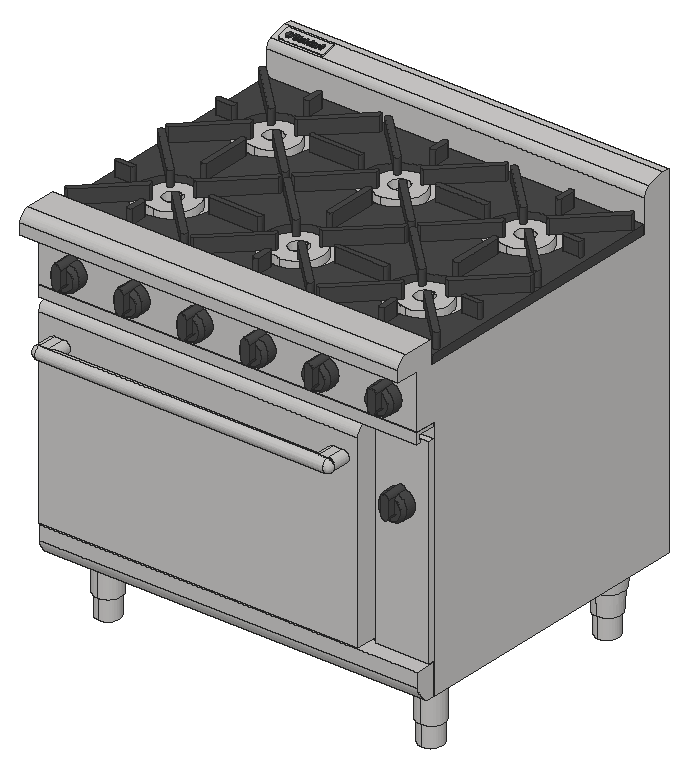
Revit family "QF_MOFFAT WALDORF_RNL8610GC", category Specialty Equipment, Revit 2012 (continued)
Lines and regions (mm)
  symbolic lines
    curve 139: line (306.08, -680.345, 0) -> (421.515, -564.911, 0)
    curve 140: arc (150, -294.5, 0) -> (207, -237.5, 0) -> (150, -180.5, 0) r 57
    curve 141: arc (150, -180.5, 0) -> (93, -237.5, 0) -> (150, -294.5, 0) r 57
    curve 142: arc (450, -294.5, 0) -> (507, -237.5, 0) -> (450, -180.5, 0) r 57
    curve 143: arc (450, -180.5, 0) -> (393, -237.5, 0) -> (450, -294.5, 0) r 57
    curve 144: arc (750, -294.5, 0) -> (807, -237.5, 0) -> (750, -180.5, 0) r 57
    curve 145: arc (750, -180.5, 0) -> (693, -237.5, 0) -> (750, -294.5, 0) r 57
    curve 146: arc (750, -594.5, 0) -> (807, -537.5, 0) -> (750, -480.5, 0) r 57
    curve 147: arc (750, -480.5, 0) -> (693, -537.5, 0) -> (750, -594.5, 0) r 57
    curve 148: arc (450, -594.5, 0) -> (507, -537.5, 0) -> (450, -480.5, 0) r 57
    curve 149: arc (450, -480.5, 0) -> (393, -537.5, 0) -> (450, -594.5, 0) r 57
    curve 150: arc (150, -594.5, 0) -> (207, -537.5, 0) -> (150, -480.5, 0) r 57
    curve 151: arc (150, -480.5, 0) -> (93, -537.5, 0) -> (150, -594.5, 0) r 57
    curve 152: line (17.22, -237.81, 0) -> (62.22, -237.81, 0)
    curve 153: line (17.22, -537.81, 0) -> (62.22, -537.81, 0)
    curve 154: line (882.78, -237.81, 0) -> (837.78, -237.81, 0)
    curve 155: line (882.78, -537.81, 0) -> (837.78, -537.81, 0)
    curve 159: line (150.008, -98.743, 0) -> (149.965, -143.743, 0)
    curve 160: line (450.008, -98.743, 0) -> (449.965, -143.743, 0)
    curve 161: line (750.008, -98.743, 0) -> (749.965, -143.743, 0)
    curve 162: line (150.008, -628.777, 0) -> (149.965, -673.777, 0)
    curve 163: line (450.008, -628.777, 0) -> (449.965, -673.777, 0)
    curve 164: line (750.008, -628.777, 0) -> (749.965, -673.777, 0)
    curve 165: line (149.551, -435.668, 0) -> (149.551, -350.668, 0)
    curve 166: line (449.551, -435.668, 0) -> (449.551, -350.668, 0)
    curve 167: line (749.551, -435.668, 0) -> (749.551, -350.668, 0)
    curve 168: arc (150, -152.5, 0) -> (235, -237.5, 0) -> (150, -322.5, 0) r 85
    curve 169: arc (150, -322.5, 0) -> (65, -237.5, 0) -> (150, -152.5, 0) r 85
    curve 170: arc (450, -322.5, 0) -> (365, -237.5, 0) -> (450, -152.5, 0) r 85
    curve 171: arc (450, -152.5, 0) -> (535, -237.5, 0) -> (450, -322.5, 0) r 85
    curve 172: arc (150, -452.768, 0) -> (235, -537.768, 0) -> (150, -622.768, 0) r 85
    curve 173: arc (150, -622.768, 0) -> (65, -537.768, 0) -> (150, -452.768, 0) r 85
    curve 174: arc (450, -622.768, 0) -> (365, -537.768, 0) -> (450, -452.768, 0) r 85
    curve 175: arc (450, -452.768, 0) -> (535, -537.768, 0) -> (450, -622.768, 0) r 85
    curve 176: arc (750, -322.5, 0) -> (665, -237.5, 0) -> (750, -152.5, 0) r 85
    curve 177: arc (750, -152.5, 0) -> (835, -237.5, 0) -> (750, -322.5, 0) r 85
    curve 178: arc (750, -622.768, 0) -> (665, -537.768, 0) -> (750, -452.768, 0) r 85
    curve 179: arc (750, -452.768, 0) -> (835, -537.768, 0) -> (750, -622.768, 0) r 85
    curve 180: line (300.167, -72.734, 0) -> (300.167, -705.7, 0)
    curve 181: line (600.167, -72.734, 0) -> (600.167, -705.7, 0)
    curve 182: line (0, -387.5, 0) -> (790, -387.5, 0)
    curve 183: line (790, -387.5, 0) -> (900, -387.5, 0)
    curve 184: arc (150, -215.5, 0) -> (172, -237.5, 0) -> (150, -259.5, 0) r 22
    curve 185: arc (150, -259.5, 0) -> (128, -237.5, 0) -> (150, -215.5, 0) r 22
    curve 186: arc (450, -259.5, 0) -> (428, -237.5, 0) -> (450, -215.5, 0) r 22
    curve 187: arc (450, -215.5, 0) -> (472, -237.5, 0) -> (450, -259.5, 0) r 22
    curve 188: arc (750, -259.5, 0) -> (728, -237.5, 0) -> (750, -215.5, 0) r 22
    curve 189: arc (750, -215.5, 0) -> (772, -237.5, 0) -> (750, -259.5, 0) r 22
    curve 190: arc (750, -515.5, 0) -> (772, -537.5, 0) -> (750, -559.5, 0) r 22
    curve 191: arc (750, -559.5, 0) -> (728, -537.5, 0) -> (750, -515.5, 0) r 22
    curve 192: arc (450, -515.5, 0) -> (472, -537.5, 0) -> (450, -559.5, 0) r 22
    curve 193: arc (450, -559.5, 0) -> (428, -537.5, 0) -> (450, -515.5, 0) r 22
    curve 194: arc (150, -515.5, 0) -> (172, -537.5, 0) -> (150, -559.5, 0) r 22
    curve 195: arc (150, -559.5, 0) -> (128, -537.5, 0) -> (150, -515.5, 0) r 22
  symbolic lines, style "QF_Door-Drawer Clearances", visible <- "Show Clearance"
    curve 156: line (0, -1218.847, 0) -> (0, -805, 0)
    curve 157: line (0, -1218.847, 0) -> (760, -1218.847, 0)
    curve 158: line (760, -1218.847, 0) -> (760, -805, 0)
Dimensions and locks
  equal spacing: plane 3 "LEFT", plane 7 "Center Y", plane 4 "RIGHT"
  "Width": plane 3 "LEFT" to plane 4 "RIGHT"
  equal spacing: plane 5 "FRONT", plane 8 "Center X", plane 1 "BACK"
  plane 5 "FRONT" to plane 1 "BACK" = 805 mm  (x2)
  equal spacing: plane 4 "RIGHT", plane 7 "Center Y", plane 3 "LEFT"
  plane 4 "RIGHT" to plane 3 "LEFT" = 900 mm
  "Height": plane 6 "TOP" to level
  plane 10 to plane 1 "BACK" = 574.272 mm
  plane 12 to plane 1 "BACK" = 304.972 mm  (x2)
  plane 11 to plane 3 "LEFT" = 60 mm
  plane 14 to plane 3 "LEFT" = 74 mm
  plane 9 to plane 3 "LEFT" = 280 mm
  "Depth": plane 1 "BACK" to plane 15
  plane 15 to plane 5 "FRONT" = 0 mm
  plane 6 "TOP" to plane 2 = 970 mm
  locked: plane 2 to Extrusion 1 sketch curve at 861.8
  locked: plane 2 to Extrusion 1 sketch curve at 915
  Extrusion 9 sketch curve to plane 19 = 64.8 mm
  aligned and locked: level to plane 2
  aligned and locked: curve 3 to plane 4 "RIGHT"
Automatic sketch dimensions
  Extrusion 1 sketch curve to plane 5 "FRONT" = 0 mm
  Extrusion 1 sketch curve to plane 6 "TOP" = 0 mm
  Extrusion 1 sketch curve to plane 1 "BACK" = 0 mm
  Extrusion 1 sketch curve to plane 5 "FRONT" = 24 mm
  Extrusion 1 sketch curve to plane 5 "FRONT" = 56 mm
  Extrusion 1 sketch curve to Extrusion 1 sketch curve = 0 mm
  Extrusion 1 sketch curve to plane 5 "FRONT" = 58.27 mm
  Extrusion 1 sketch curve to Extrusion 1 sketch curve = 6.387 mm
  Extrusion 1 sketch curve to Extrusion 1 sketch curve = 8.776 mm
  Extrusion 1 sketch curve to Extrusion 1 sketch curve = 40 mm
  Extrusion 1 sketch curve to Extrusion 1 sketch curve = 43.174 mm
  Extrusion 1 sketch curve to Extrusion 1 sketch curve = 2.626 mm
  Extrusion 1 sketch curve to Extrusion 1 sketch curve = 41.683 mm
  Extrusion 1 sketch curve to Extrusion 1 sketch curve = 4.2 mm  (x2)
  Extrusion 1 sketch curve to plane 17 = 38 mm
  Extrusion 1 sketch curve to plane 6 "TOP" = 11.31 mm
  Extrusion 1 sketch curve to Extrusion 1 sketch curve = 11.291 mm
  Extrusion 1 sketch curve to plane 17 = 15.418 mm
  plane 17 to Extrusion 1 sketch curve = 15.5 mm
  plane 18 to Extrusion 1 sketch curve = 81.219 mm
  Extrusion 1 sketch curve to Extrusion 1 sketch curve = 2.216 mm
  Extrusion 1 sketch curve to Extrusion 1 sketch curve = 7.004 mm
  Extrusion 1 sketch curve to Extrusion 1 sketch curve = 16.999 mm
  level to Extrusion 1 sketch curve = 222.5 mm
  Extrusion 1 sketch curve to Extrusion 1 sketch curve = 28.982 mm
  Extrusion 1 sketch curve to Extrusion 1 sketch curve = 34.5 mm
  Extrusion 1 sketch curve to Extrusion 1 sketch curve = 0.071 mm
  Extrusion 1 to Split face 1 sketch curve = 1.962 mm
  Split face 1 sketch curve to Extrusion 1 = 9.099 mm
  Split face 1 sketch curve to Extrusion 1 = 129.583 mm
  Split face 1 sketch curve to Split face 1 sketch curve = 20 mm
  Extrusion 1 to Split face 2 sketch curve = 1.962 mm
  Split face 2 sketch curve to Extrusion 1 = 9.099 mm
  Split face 2 sketch curve to Extrusion 1 = 156.5 mm
  Split face 2 sketch curve to Split face 2 sketch curve = 20 mm
  Extrusion 1 to Split face 3 sketch curve = 1.962 mm
  Split face 3 sketch curve to Extrusion 1 = 9.099 mm
  Split face 3 sketch curve to Extrusion 1 = 183.5 mm
  Split face 3 sketch curve to Split face 3 sketch curve = 20 mm
  Extrusion 1 to Split face 4 sketch curve = 1.962 mm
  Split face 4 sketch curve to Extrusion 1 = 9.099 mm
  Split face 4 sketch curve to Extrusion 1 = 210.5 mm
  Split face 4 sketch curve to Split face 4 sketch curve = 20 mm
  Extrusion 1 to Split face 5 sketch curve = 1.962 mm
  Split face 5 sketch curve to Extrusion 1 = 9.099 mm
  Split face 5 sketch curve to Extrusion 1 = 237.5 mm
  Split face 5 sketch curve to Split face 5 sketch curve = 20 mm
  Extrusion 1 to Split face 6 sketch curve = 1.962 mm
  Split face 6 sketch curve to Extrusion 1 = 9.099 mm
  Split face 6 sketch curve to Extrusion 1 = 264.5 mm
  Split face 6 sketch curve to Split face 6 sketch curve = 20 mm
  Extrusion 1 to Split face 7 sketch curve = 1.962 mm
  Split face 7 sketch curve to Extrusion 1 = 9.099 mm
  Split face 7 sketch curve to Extrusion 1 = 291.5 mm
  Split face 7 sketch curve to Split face 7 sketch curve = 20 mm
  Extrusion 1 to Split face 8 sketch curve = 1.962 mm
  Split face 8 sketch curve to Extrusion 1 = 9.099 mm
  Split face 8 sketch curve to Extrusion 1 = 281.5 mm
  Split face 8 sketch curve to Split face 8 sketch curve = 20 mm
  Extrusion 1 to Split face 9 sketch curve = 1.962 mm
  Split face 9 sketch curve to Extrusion 1 = 9.099 mm
  Split face 9 sketch curve to Extrusion 1 = 254.5 mm
  Split face 9 sketch curve to Split face 9 sketch curve = 20 mm
  Extrusion 1 to Split face 10 sketch curve = 1.962 mm
  Split face 10 sketch curve to Extrusion 1 = 9.099 mm
  Split face 10 sketch curve to Extrusion 1 = 227.5 mm
  Split face 10 sketch curve to Split face 10 sketch curve = 20 mm
  Extrusion 1 to Split face 11 sketch curve = 1.962 mm
  Split face 11 sketch curve to Extrusion 1 = 9.099 mm
  Split face 11 sketch curve to Extrusion 1 = 200.5 mm
  Split face 11 sketch curve to Split face 11 sketch curve = 20 mm
  Extrusion 1 to Split face 12 sketch curve = 1.962 mm
  Split face 12 sketch curve to Extrusion 1 = 9.099 mm
  Split face 12 sketch curve to Extrusion 1 = 173.5 mm
  Split face 12 sketch curve to Split face 12 sketch curve = 20 mm
  Extrusion 1 to Split face 13 sketch curve = 1.962 mm
  Split face 13 sketch curve to Extrusion 1 = 9.099 mm
  Split face 13 sketch curve to Extrusion 1 = 146.5 mm
  Split face 13 sketch curve to Split face 13 sketch curve = 20 mm
  plane 18 to Extrusion 2 sketch curve = 21 mm
  Extrusion 2 sketch curve to plane 5 "FRONT" = 56 mm
  Extrusion 2 sketch curve to Extrusion 2 sketch curve = 24 mm
  Extrusion 2 sketch curve to Extrusion 2 sketch curve = 50 mm
  level to Extrusion 2 sketch curve = 227.5 mm
  Extrusion 3 sketch curve to Extrusion 3 sketch curve = 15 mm
  level to Extrusion 3 sketch curve = 227.5 mm
  Extrusion 1 to Split face 14 sketch curve = 1.962 mm
  Split face 14 sketch curve to Extrusion 1 = 9.099 mm
  Split face 14 sketch curve to Extrusion 1 = 320.812 mm
  Split face 14 sketch curve to Split face 14 sketch curve = 20 mm
  Extrusion 1 to Split face 15 sketch curve = 1.962 mm
  Split face 15 sketch curve to Extrusion 1 = 9.099 mm
  Split face 15 sketch curve to Extrusion 1 = 350.039 mm
  Split face 15 sketch curve to Split face 15 sketch curve = 20 mm
  Extrusion 1 to Split face 16 sketch curve = 1.962 mm
  Split face 16 sketch curve to Extrusion 1 = 9.099 mm
  Split face 16 sketch curve to Extrusion 1 = 377.038 mm
  Split face 16 sketch curve to Split face 16 sketch curve = 20 mm
  Extrusion 1 to Split face 17 sketch curve = 1.962 mm
  Split face 17 sketch curve to Extrusion 1 = 9.099 mm
  Split face 17 sketch curve to Extrusion 1 = 402.514 mm
  Split face 17 sketch curve to Split face 17 sketch curve = 20 mm
  Extrusion 1 to Split face 18 sketch curve = 1.962 mm
  Split face 18 sketch curve to Extrusion 1 = 9.099 mm
  Split face 18 sketch curve to Extrusion 1 = 428.962 mm
  Split face 18 sketch curve to Split face 18 sketch curve = 20 mm
  Extrusion 1 to Split face 19 sketch curve = 1.962 mm
  Split face 19 sketch curve to Extrusion 1 = 9.099 mm
  Split face 19 sketch curve to Extrusion 1 = 444.954 mm
  Split face 19 sketch curve to Split face 19 sketch curve = 20 mm
  Extrusion 1 to Split face 20 sketch curve = 1.962 mm
  Split face 20 sketch curve to Extrusion 1 = 9.099 mm
  Split face 20 sketch curve to Extrusion 1 = 419.057 mm
  Split face 20 sketch curve to Split face 20 sketch curve = 20 mm
  Extrusion 1 to Split face 21 sketch curve = 1.962 mm
  Split face 21 sketch curve to Extrusion 1 = 9.099 mm
  Split face 21 sketch curve to Extrusion 1 = 392.609 mm
  Split face 21 sketch curve to Split face 21 sketch curve = 20 mm
  Extrusion 1 to Split face 22 sketch curve = 1.962 mm
  Split face 22 sketch curve to Extrusion 1 = 9.099 mm
  Split face 22 sketch curve to Extrusion 1 = 362.304 mm
  Split face 22 sketch curve to Split face 22 sketch curve = 20 mm
  Extrusion 1 to Split face 23 sketch curve = 1.962 mm
  Split face 23 sketch curve to Extrusion 1 = 9.099 mm
  Split face 23 sketch curve to Extrusion 1 = 334.203 mm
  Split face 23 sketch curve to Split face 23 sketch curve = 20 mm
  Extrusion 1 to Split face 24 sketch curve = 1.962 mm
  Split face 24 sketch curve to Extrusion 1 = 9.099 mm
  Split face 24 sketch curve to Extrusion 1 = 308.857 mm
  Split face 24 sketch curve to Split face 24 sketch curve = 20 mm
  Revolve 4 sketch curve to level = 0 mm
  Revolve 4 sketch curve to plane 17 = 110.753 mm
  Revolve 4 sketch curve to Revolve 4 sketch curve = 4.159 mm
  Revolve 4 sketch curve to Revolve 4 sketch curve = 5.012 mm
  Revolve 4 sketch curve to Revolve 4 sketch curve = 1.832 mm
  Revolve 4 sketch curve to Revolve 4 sketch curve = 4.25 mm
  Revolve 4 sketch curve to Revolve 4 sketch curve = 42.753 mm
  Revolve 4 sketch curve to Revolve 4 sketch curve = 0 mm  (x2)
  level to Revolve 4 sketch curve = 50 mm
  Revolve 4 sketch curve to Revolve 4 sketch curve = 52.468 mm
  Revolve 4 sketch curve to Revolve 4 sketch curve = 47.532 mm
  Revolve 4 sketch curve to Revolve 4 sketch curve = 55 mm
  Revolve 5 sketch curve to level = 0 mm
  Revolve 5 sketch curve to plane 10 = 82.478 mm
  Revolve 5 sketch curve to Revolve 5 sketch curve = 4.25 mm
  Revolve 5 sketch curve to Revolve 5 sketch curve = 27.5 mm  (x2)
  level to Revolve 5 sketch curve = 50 mm
  Revolve 5 sketch curve to Revolve 5 sketch curve = 0 mm
  Revolve 5 sketch curve to Revolve 5 sketch curve = 100 mm
  Revolve 5 sketch curve to Revolve 5 sketch curve = 55 mm
  Revolve 6 sketch curve to level = 0 mm
  Revolve 6 sketch curve to plane 17 = 110.753 mm
  Revolve 6 sketch curve to Revolve 6 sketch curve = 0 mm  (x3)
  Revolve 6 sketch curve to Revolve 6 sketch curve = 4.159 mm
  Revolve 6 sketch curve to Revolve 6 sketch curve = 5.012 mm
  Revolve 6 sketch curve to Revolve 6 sketch curve = 1.832 mm
  Revolve 6 sketch curve to Revolve 6 sketch curve = 4.25 mm
  Revolve 6 sketch curve to Revolve 6 sketch curve = 42.753 mm
  Revolve 6 sketch curve to level = 55 mm
  Revolve 6 sketch curve to Revolve 6 sketch curve = 50 mm
  Revolve 6 sketch curve to Revolve 6 sketch curve = 52.468 mm
  Revolve 6 sketch curve to Revolve 6 sketch curve = 47.532 mm
  Revolve 7 sketch curve to level = 0 mm
  Revolve 7 sketch curve to plane 10 = 82.478 mm
  Revolve 7 sketch curve to Revolve 7 sketch curve = 4.25 mm
  Revolve 7 sketch curve to Revolve 7 sketch curve = 27.5 mm  (x2)
  Revolve 7 sketch curve to level = 55 mm
  Revolve 7 sketch curve to Revolve 7 sketch curve = 50 mm
  Revolve 7 sketch curve to Revolve 7 sketch curve = 0 mm
  Revolve 7 sketch curve to Revolve 7 sketch curve = 100 mm
  plane 17 to Extrusion 8 sketch curve = 0 mm
  Extrusion 8 sketch curve to plane 16 = 64.5 mm
  Extrusion 9 sketch curve to plane 4 "RIGHT" = 0 mm
  Extrusion 9 sketch curve to plane 7 "Center Y" = 0 mm  (x2)
  plane 3 "LEFT" to Extrusion 9 sketch curve = 4 mm
  Extrusion 9 sketch curve to plane 17 = 39 mm
  Extrusion 9 sketch curve to Extrusion 9 sketch curve = 3 mm  (x2)
  plane 12 to Extrusion 9 sketch curve = 67.472 mm  (x3)
  Extrusion 9 sketch curve to plane 5 "FRONT" = 104 mm  (x2)
  plane 14 to Extrusion 9 sketch curve = 76 mm  (x2)
  Extrusion 10 sketch curve to Extrusion 1 = 73.5 mm
  Extrusion 10 sketch curve to Extrusion 1 = 196.458 mm
  Revolve 11 sketch curve to plane 5 "FRONT" = 12 mm
  Revolve 11 sketch curve to Revolve 11 sketch curve = 0 mm  (x2)
  Revolve 11 sketch curve to Revolve 11 sketch curve = 11 mm
  Revolve 11 sketch curve to Revolve 11 sketch curve = 12.7 mm
  Revolve 11 sketch curve to Revolve 11 sketch curve = 23 mm
  Revolve 11 sketch curve to Revolve 11 sketch curve = 10 mm
  plane 18 to Revolve 11 sketch curve = 141.882 mm
  Revolve 11 sketch curve to Revolve 11 sketch curve = 5 mm
  Revolve 11 sketch curve to Revolve 11 sketch curve = 26.651 mm
  Revolve 11 sketch curve to Revolve 11 sketch curve = 5.849 mm
  Revolve 12 sketch curve to plane 5 "FRONT" = 12 mm
  Revolve 12 sketch curve to Revolve 12 sketch curve = 0 mm  (x2)
  Revolve 12 sketch curve to Revolve 12 sketch curve = 11 mm
  Revolve 12 sketch curve to Revolve 12 sketch curve = 12.7 mm
  Revolve 12 sketch curve to Revolve 12 sketch curve = 23 mm
  Revolve 12 sketch curve to Revolve 12 sketch curve = 10 mm
  plane 18 to Revolve 12 sketch curve = 141.882 mm
  Revolve 12 sketch curve to Revolve 12 sketch curve = 5 mm
  Revolve 12 sketch curve to Revolve 12 sketch curve = 26.651 mm
  Revolve 12 sketch curve to Revolve 12 sketch curve = 5.849 mm
  Revolve 13 sketch curve to plane 5 "FRONT" = 12 mm
  Revolve 13 sketch curve to Revolve 13 sketch curve = 0 mm  (x2)
  Revolve 13 sketch curve to Revolve 13 sketch curve = 11 mm
  Revolve 13 sketch curve to Revolve 13 sketch curve = 12.7 mm
  Revolve 13 sketch curve to Revolve 13 sketch curve = 23 mm
  Revolve 13 sketch curve to Revolve 13 sketch curve = 10 mm
  Revolve 13 sketch curve to plane 6 "TOP" = 140.618 mm
  Revolve 13 sketch curve to Revolve 13 sketch curve = 5.849 mm
  Revolve 13 sketch curve to Revolve 13 sketch curve = 27.5 mm
  Revolve 13 sketch curve to Revolve 13 sketch curve = 5 mm
  Revolve 14 sketch curve to plane 5 "FRONT" = 12 mm
  Revolve 14 sketch curve to Revolve 14 sketch curve = 0 mm  (x2)
  Revolve 14 sketch curve to Revolve 14 sketch curve = 11 mm
  Revolve 14 sketch curve to Revolve 14 sketch curve = 12.7 mm
  Revolve 14 sketch curve to Revolve 14 sketch curve = 23 mm
  Revolve 14 sketch curve to Revolve 14 sketch curve = 10 mm
  Revolve 14 sketch curve to plane 6 "TOP" = 140.618 mm
  Revolve 14 sketch curve to Revolve 14 sketch curve = 5.849 mm
  Revolve 14 sketch curve to Revolve 14 sketch curve = 27.5 mm
  Revolve 14 sketch curve to Revolve 14 sketch curve = 5 mm
  Revolve 15 sketch curve to plane 5 "FRONT" = 12 mm
  Revolve 15 sketch curve to Revolve 15 sketch curve = 0 mm  (x2)
  Revolve 15 sketch curve to Revolve 15 sketch curve = 11 mm
  Revolve 15 sketch curve to Revolve 15 sketch curve = 12.7 mm
  Revolve 15 sketch curve to Revolve 15 sketch curve = 23 mm
  Revolve 15 sketch curve to Revolve 15 sketch curve = 10 mm
  Revolve 15 sketch curve to plane 6 "TOP" = 140.618 mm
  Revolve 15 sketch curve to Revolve 15 sketch curve = 5.849 mm
  Revolve 15 sketch curve to Revolve 15 sketch curve = 27.5 mm
  Revolve 15 sketch curve to Revolve 15 sketch curve = 5 mm
  Revolve 16 sketch curve to plane 5 "FRONT" = 12 mm
  Revolve 16 sketch curve to Revolve 16 sketch curve = 0 mm  (x2)
  Revolve 16 sketch curve to Revolve 16 sketch curve = 11 mm
  Revolve 16 sketch curve to Revolve 16 sketch curve = 12.7 mm
  Revolve 16 sketch curve to Revolve 16 sketch curve = 23 mm
  Revolve 16 sketch curve to Revolve 16 sketch curve = 10 mm
  Revolve 16 sketch curve to plane 6 "TOP" = 140.618 mm
  Revolve 16 sketch curve to Revolve 16 sketch curve = 5.849 mm
  Revolve 16 sketch curve to Revolve 16 sketch curve = 27.5 mm
  Revolve 16 sketch curve to Revolve 16 sketch curve = 5 mm
  Extrusion 17 sketch curve to plane 16 = 5.281 mm
  plane 16 to Extrusion 17 sketch curve = 4.719 mm
  plane 18 to Extrusion 17 sketch curve = 133.882 mm
  Extrusion 17 sketch curve to Extrusion 17 sketch curve = 35 mm
  Extrusion 18 sketch curve to plane 16 = 155.281 mm
  Extrusion 18 sketch curve to Extrusion 18 sketch curve = 10 mm
  plane 18 to Extrusion 18 sketch curve = 133.882 mm
  Extrusion 18 sketch curve to Extrusion 18 sketch curve = 35 mm
  plane 14 to Extrusion 19 sketch curve = 24.906 mm
  plane 14 to Extrusion 19 sketch curve = 14.906 mm
  Extrusion 19 sketch curve to plane 6 "TOP" = 146.118 mm
  Extrusion 19 sketch curve to Extrusion 19 sketch curve = 35 mm
  Extrusion 20 sketch curve to plane 9 = 31.094 mm
  Extrusion 20 sketch curve to Extrusion 20 sketch curve = 10 mm
  Extrusion 20 sketch curve to plane 6 "TOP" = 146.118 mm
  Extrusion 20 sketch curve to Extrusion 20 sketch curve = 35 mm
  Extrusion 21 sketch curve to plane 7 "Center Y" = 51.118 mm
  Extrusion 21 sketch curve to Extrusion 21 sketch curve = 10 mm
  Extrusion 21 sketch curve to plane 6 "TOP" = 146.118 mm
  Extrusion 21 sketch curve to Extrusion 21 sketch curve = 35 mm
  plane 7 "Center Y" to Extrusion 22 sketch curve = 98.882 mm
  Extrusion 22 sketch curve to Extrusion 22 sketch curve = 10 mm
  Extrusion 22 sketch curve to plane 6 "TOP" = 146.118 mm
  Extrusion 22 sketch curve to Extrusion 22 sketch curve = 35 mm
  Revolve 23 sketch curve to plane 5 "FRONT" = 54.5 mm
  Revolve 23 sketch curve to Revolve 23 sketch curve = 0 mm  (x2)
  Revolve 23 sketch curve to Revolve 23 sketch curve = 11 mm
  Revolve 23 sketch curve to Revolve 23 sketch curve = 12.7 mm
  Revolve 23 sketch curve to Revolve 23 sketch curve = 23 mm
  Revolve 23 sketch curve to Revolve 23 sketch curve = 10 mm
  Revolve 23 sketch curve to plane 18 = 103.75 mm
  Revolve 23 sketch curve to Revolve 23 sketch curve = 5 mm
  Revolve 23 sketch curve to plane 18 = 77.099 mm
  Revolve 23 sketch curve to Revolve 23 sketch curve = 5.849 mm
  Extrusion 24 sketch curve to plane 16 = 7.781 mm
  plane 16 to Extrusion 24 sketch curve = 2.219 mm
  Extrusion 24 sketch curve to plane 18 = 111.75 mm
  Extrusion 24 sketch curve to plane 18 = 76.75 mm
  Extrusion 25 sketch curve to plane 5 "FRONT" = 56 mm
  level to Extrusion 25 sketch curve = 227.5 mm
  plane 5 "FRONT" to Extrusion 25 sketch curve = 413.847 mm
  Extrusion 26 sketch curve to plane 7 "Center Y" = 0 mm
  Extrusion 26 sketch curve to plane 17 = 61.602 mm  (x4)
  plane 4 "RIGHT" to Extrusion 26 sketch curve = 15.153 mm  (x2)
  plane 9 to Extrusion 26 sketch curve = 4.847 mm  (x3)
  Extrusion 26 sketch curve to Extrusion 26 sketch curve = 0 mm  (x14)
  plane 3 "LEFT" to Extrusion 26 sketch curve = 15.153 mm
  Extrusion 26 sketch curve to Extrusion 26 sketch curve = 4.525 mm  (x36)
  Extrusion 26 sketch curve to plane 7 "Center Y" = 6.435 mm  (x2)
  Extrusion 26 sketch curve to plane 17 = 70.539 mm  (x3)
  Extrusion 26 sketch curve to Extrusion 26 sketch curve = 36.204 mm  (x6)
  Extrusion 26 sketch curve to plane 7 "Center Y" = 0.035 mm
  plane 7 "Center Y" to Extrusion 26 sketch curve = 26.924 mm  (x4)
  Extrusion 26 sketch curve to Extrusion 26 sketch curve = 62.782 mm  (x3)
  Extrusion 26 sketch curve to plane 7 "Center Y" = 26.924 mm  (x2)
  plane 14 to Extrusion 26 sketch curve = 49.076 mm
  Extrusion 26 sketch curve to Extrusion 26 sketch curve = 20.524 mm  (x5)
  plane 3 "LEFT" to Extrusion 26 sketch curve = 19.118 mm  (x2)
  plane 12 to Extrusion 26 sketch curve = 73.872 mm
  plane 16 to Extrusion 26 sketch curve = 10.178 mm  (x2)
  Extrusion 26 sketch curve to Extrusion 26 sketch curve = 6.4 mm  (x14)
  plane 12 to Extrusion 26 sketch curve = 40.548 mm  (x6)
  Extrusion 26 sketch curve to plane 12 = 24.426 mm  (x3)
  Extrusion 26 sketch curve to plane 13 = 7.374 mm  (x6)
  plane 8 "Center X" to Extrusion 26 sketch curve = 8.898 mm  (x6)
  plane 8 "Center X" to Extrusion 26 sketch curve = 4.372 mm  (x6)
  Extrusion 26 sketch curve to plane 7 "Center Y" = 6.4 mm
  Extrusion 26 sketch curve to plane 8 "Center X" = 43.102 mm  (x3)
  Extrusion 26 sketch curve to Extrusion 26 sketch curve = 55.923 mm  (x9)
  plane 10 to Extrusion 26 sketch curve = 43.172 mm  (x4)
  plane 10 to Extrusion 26 sketch curve = 9.848 mm  (x6)
  plane 10 to Extrusion 26 sketch curve = 5.323 mm  (x6)
  Extrusion 26 sketch curve to plane 10 = 55.767 mm  (x3)
  plane 7 "Center Y" to Extrusion 26 sketch curve = 6.365 mm
  Extrusion 26 sketch curve to plane 10 = 98.074 mm  (x4)
  plane 9 to Extrusion 26 sketch curve = 13.898 mm
  plane 3 "LEFT" to Extrusion 26 sketch curve = 6.102 mm  (x3)
  plane 4 "RIGHT" to Extrusion 26 sketch curve = 6.102 mm
  Extrusion 26 sketch curve to plane 11 = 4.678 mm  (x2)
  plane 14 to Extrusion 26 sketch curve = 40.025 mm  (x3)
  Extrusion 26 sketch curve to Extrusion 26 sketch curve = 20.489 mm  (x4)
  Extrusion 26 sketch curve to Extrusion 26 sketch curve = 53.847 mm  (x8)
  Extrusion 26 sketch curve to plane 9 = 38.102 mm  (x2)
  Extrusion 26 sketch curve to Extrusion 26 sketch curve = 12.205 mm  (x8)
  Extrusion 26 sketch curve to plane 7 "Center Y" = 35.975 mm  (x2)
  Extrusion 26 sketch curve to Extrusion 26 sketch curve = 128.481 mm  (x2)
  plane 7 "Center Y" to Extrusion 26 sketch curve = 134.847 mm
  Extrusion 26 sketch curve to Extrusion 26 sketch curve = 116.204 mm  (x2)
  plane 4 "RIGHT" to Extrusion 26 sketch curve = 19.118 mm  (x2)
  curve 140 to curve 168 = 0 mm  (x2)
  curve 142 to curve 171 = 0 mm
  curve 143 to curve 170 = 0 mm
  curve 144 to curve 176 = 0 mm
  curve 145 to curve 177 = 0 mm
  plane 1 "BACK" to curve 1 = 0 mm
  curve 1 to plane 3 "LEFT" = 0 mm
  plane 5 "FRONT" to curve 109 = 0 mm
  curve 148 to plane 7 "Center Y" = 0 mm
  curve 171 to plane 7 "Center Y" = 0 mm
  curve 175 to plane 7 "Center Y" = 0 mm
  plane 3 "LEFT" to curve 119 = 6.08 mm
  plane 3 "LEFT" to curve 113 = 6.08 mm
  plane 3 "LEFT" to curve 135 = 6.08 mm
  plane 3 "LEFT" to curve 129 = 6.08 mm
  plane 3 "LEFT" to curve 5 = 12.5 mm
  plane 3 "LEFT" to curve 152 = 17.22 mm
  plane 3 "LEFT" to curve 153 = 17.22 mm
  plane 3 "LEFT" to curve 109 = 22.65 mm
  curve 110 to plane 11 = 11.111 mm
  curve 109 to plane 11 = 9.192 mm
  plane 11 to curve 153 = 2.22 mm
  plane 11 to curve 152 = 2.22 mm
  curve 8 to plane 17 = 19.234 mm
  plane 14 to curve 8 = 47.5 mm
  plane 14 to curve 129 = 47.515 mm
  plane 14 to curve 113 = 47.515 mm
  plane 14 to curve 119 = 47.515 mm
  plane 10 to curve 135 = 8.826 mm
  plane 14 to curve 135 = 47.515 mm
  curve 6 to curve 9 = 8.083 mm
  plane 13 to curve 165 = 14.305 mm
  plane 14 to curve 165 = 75.551 mm
  curve 9 to curve 10 = 20 mm
  curve 113 to curve 159 = 28.45 mm
  plane 14 to curve 162 = 75.965 mm
  plane 12 to curve 141 = 10.472 mm
  curve 119 to curve 141 = 28.485 mm
  curve 151 to plane 10 = 20.228 mm
  curve 135 to curve 151 = 28.485 mm
  curve 173 to curve 150 = 0 mm
  curve 159 to curve 159 = 0.042 mm
  curve 172 to curve 162 = 0.008 mm
  curve 11 to curve 13 = 6.917 mm
  plane 17 to curve 15 = 9.738 mm
  curve 13 to curve 15 = 20 mm
  curve 150 to curve 130 = 28.485 mm
  curve 140 to curve 114 = 28.485 mm
  plane 10 to curve 136 = 8.826 mm
  curve 172 to curve 136 = 28.485 mm
  plane 12 to curve 120 = 39.794 mm
  curve 140 to curve 120 = 28.485 mm
  curve 15 to curve 20 = 7 mm
  plane 17 to curve 19 = 9.738 mm
  curve 17 to curve 19 = 20 mm
  curve 18 to curve 22 = 7 mm
  plane 17 to curve 23 = 9.738 mm
  curve 21 to curve 23 = 20 mm
  curve 23 to curve 29 = 7 mm
  curve 126 to plane 9 = 42.22 mm
  curve 124 to plane 9 = 42.22 mm
  curve 26 to curve 27 = 20 mm
  curve 27 to curve 30 = 6.917 mm
  plane 9 to curve 31 = 4.417 mm
  curve 32 to curve 34 = 7 mm
  plane 9 to curve 136 = 13.92 mm
  plane 9 to curve 120 = 13.92 mm
  plane 9 to curve 130 = 13.92 mm
  plane 9 to curve 114 = 13.92 mm
  plane 9 to curve 180 = 20.167 mm
  curve 136 to curve 139 = 12.16 mm
  plane 8 "Center X" to curve 133 = 7.845 mm
  curve 130 to curve 133 = 12.16 mm
  curve 120 to curve 123 = 12.16 mm
  curve 114 to curve 117 = 12.16 mm
  curve 34 to curve 36 = 20 mm
  curve 36 to curve 38 = 7 mm
  curve 38 to curve 39 = 20 mm
  curve 40 to curve 45 = 11.622 mm
  plane 10 to curve 126 = 36.462 mm
  plane 9 to curve 126 = 82.78 mm
  plane 9 to curve 124 = 82.78 mm
  plane 17 to curve 45 = 9.738 mm
  curve 42 to curve 45 = 20 mm
  curve 44 to curve 46 = 6.917 mm
  plane 17 to curve 48 = 9.738 mm
  curve 46 to curve 48 = 20 mm
  curve 47 to curve 50 = 7 mm
  plane 10 to curve 139 = 9.362 mm
  curve 139 to plane 7 "Center Y" = 28.485 mm
  curve 123 to plane 7 "Center Y" = 28.485 mm
  curve 133 to plane 7 "Center Y" = 28.485 mm
  curve 117 to plane 7 "Center Y" = 28.485 mm
  plane 17 to curve 53 = 9.738 mm
  curve 50 to curve 53 = 20 mm
  curve 52 to curve 54 = 7 mm
  curve 166 to plane 7 "Center Y" = 0.449 mm
  curve 163 to plane 7 "Center Y" = 0.035 mm
  curve 160 to plane 7 "Center Y" = 0.035 mm
  plane 7 "Center Y" to curve 160 = 0.008 mm
  plane 7 "Center Y" to curve 163 = 0.008 mm
  plane 7 "Center Y" to curve 56 = 0.956 mm
  curve 56 to curve 61 = 7 mm
  plane 17 to curve 61 = 9.738 mm
  curve 58 to curve 61 = 20 mm
  plane 7 "Center Y" to curve 116 = 28.485 mm
  plane 10 to curve 138 = 9.362 mm
  plane 7 "Center Y" to curve 138 = 28.485 mm
  plane 7 "Center Y" to curve 132 = 28.485 mm
  plane 7 "Center Y" to curve 122 = 28.485 mm
  curve 60 to curve 62 = 6.917 mm
  curve 62 to curve 63 = 20 mm
  curve 64 to curve 69 = 7 mm
  plane 17 to curve 68 = 9.738 mm
  curve 66 to curve 68 = 20 mm
  curve 138 to curve 127 = 58.735 mm
  curve 122 to curve 125 = 58.735 mm
  curve 68 to curve 70 = 7 mm
  curve 70 to curve 72 = 20 mm
  curve 72 to curve 74 = 6.924 mm
  plane 17 to curve 76 = 9.738 mm
  curve 74 to curve 76 = 20 mm
  curve 75 to curve 78 = 6.917 mm
  plane 8 "Center X" to curve 132 = 7.845 mm
  plane 7 "Center Y" to curve 132 = 143.92 mm
  plane 7 "Center Y" to curve 138 = 143.92 mm
  curve 122 to plane 13 = 15.641 mm
  curve 122 to curve 132 = 0 mm
  curve 116 to plane 17 = 62.387 mm
  curve 78 to curve 116 = 1.206 mm
  curve 138 to curve 181 = 6.247 mm
  curve 121 to plane 13 = 15.641 mm
  curve 122 to curve 121 = 12.16 mm
  curve 115 to plane 17 = 62.387 mm
  curve 116 to curve 115 = 12.16 mm
  plane 8 "Center X" to curve 131 = 7.845 mm
  curve 132 to curve 131 = 12.16 mm
  curve 138 to curve 137 = 12.16 mm
  plane 17 to curve 81 = 9.738 mm
  curve 78 to curve 81 = 20 mm
  curve 80 to curve 82 = 7 mm
  plane 17 to curve 85 = 9.738 mm
  curve 82 to curve 85 = 20 mm
  curve 83 to curve 87 = 7 mm
  plane 10 to curve 127 = 36.462 mm
  curve 127 to curve 127 = 125 mm
  curve 125 to curve 125 = 125 mm
  curve 86 to curve 88 = 20 mm
  curve 88 to curve 93 = 7 mm
  curve 90 to curve 92 = 20 mm
  curve 92 to curve 94 = 6.917 mm
  curve 94 to curve 95 = 20 mm
  curve 125 to curve 115 = 59.295 mm
  plane 12 to curve 121 = 39.794 mm
  curve 121 to curve 115 = 0 mm
  curve 127 to curve 131 = 59.295 mm
  plane 10 to curve 137 = 8.826 mm
  curve 137 to curve 131 = 0 mm
  curve 111 to plane 5 "FRONT" = 14.544 mm
  curve 111 to plane 16 = 112.642 mm
  curve 96 to curve 98 = 7 mm
  curve 111 to curve 111 = 25.191 mm
  curve 98 to curve 100 = 20 mm
  plane 13 to curve 167 = 14.305 mm
  curve 167 to plane 16 = 84.949 mm
  curve 115 to curve 161 = 28.45 mm
  curve 164 to plane 16 = 84.535 mm
  curve 131 to curve 147 = 28.485 mm
  curve 179 to curve 146 = 0 mm
  curve 161 to curve 176 = 0.035 mm
  curve 178 to curve 164 = 0.008 mm
  curve 161 to curve 161 = 0.042 mm
  curve 100 to curve 102 = 7 mm
  curve 158 to plane 16 = 74.5 mm
  curve 102 to curve 104 = 20 mm
  curve 144 to curve 118 = 28.485 mm
  curve 176 to curve 112 = 28.485 mm
  curve 147 to curve 128 = 28.485 mm
  plane 10 to curve 134 = 8.826 mm
  curve 178 to curve 134 = 28.485 mm
  plane 8 "Center X" to curve 182 = 15 mm
  curve 182 to plane 16 = 44.5 mm
  plane 16 to curve 154 = 3.28 mm
  plane 16 to curve 155 = 3.28 mm
  plane 4 "RIGHT" to curve 154 = 17.22 mm
  plane 4 "RIGHT" to curve 155 = 17.22 mm
  plane 4 "RIGHT" to curve 118 = 6.08 mm
  plane 4 "RIGHT" to curve 128 = 6.08 mm
  plane 4 "RIGHT" to curve 134 = 6.08 mm
  plane 4 "RIGHT" to curve 112 = 6.08 mm
  curve 156 to curve 110 = 399.303 mm
  curve 109 to curve 106 = 76.143 mm
  curve 180 to plane 5 "FRONT" = 99.3 mm
  curve 180 to curve 136 = 24.819 mm
  curve 107 to curve 134 = 24.819 mm
  curve 107 to curve 135 = 24.819 mm
  curve 181 to curve 137 = 24.819 mm
  curve 136 to curve 139 = 0.536 mm
  curve 137 to curve 138 = 0.536 mm
  curve 162 to curve 150 = 79.277 mm
  curve 163 to plane 10 = 99.505 mm
  curve 164 to plane 10 = 99.505 mm
  curve 164 to curve 164 = 45 mm
  curve 163 to curve 163 = 45 mm
  curve 162 to curve 150 = 34.277 mm
  curve 162 to curve 173 = 6.009 mm
  curve 163 to curve 174 = 6.009 mm
  curve 164 to curve 178 = 6.009 mm
  curve 146 to plane 10 = 20.228 mm
  curve 149 to plane 10 = 20.228 mm
  plane 10 to curve 153 = 36.462 mm
  plane 10 to curve 155 = 36.462 mm
  plane 10 to curve 175 = 36.504 mm
  plane 10 to curve 178 = 36.504 mm
  plane 10 to curve 172 = 36.504 mm
  curve 178 to curve 147 = 0.268 mm
  curve 174 to curve 149 = 0.268 mm
  curve 172 to curve 150 = 0.268 mm
  curve 150 to curve 130 = 27.411 mm
  curve 148 to curve 133 = 27.411 mm
  curve 147 to curve 128 = 27.411 mm
  curve 146 to curve 131 = 27.411 mm
  curve 148 to curve 132 = 27.411 mm
  curve 150 to curve 129 = 27.411 mm
  curve 173 to curve 165 = 17.1 mm
  curve 174 to curve 166 = 17.1 mm
  curve 178 to curve 167 = 17.1 mm
  plane 8 "Center X" to curve 129 = 7.845 mm
  plane 8 "Center X" to curve 128 = 7.845 mm
  plane 8 "Center X" to curve 130 = 7.845 mm
  curve 133 to curve 123 = 14.041 mm
  curve 120 to curve 123 = 0 mm
  curve 182 to curve 119 = 6.887 mm
  curve 183 to curve 118 = 6.887 mm
  plane 13 to curve 166 = 14.305 mm
  curve 169 to plane 12 = 17.528 mm
  curve 170 to plane 12 = 17.528 mm
  curve 177 to plane 12 = 17.528 mm
  plane 12 to curve 142 = 10.472 mm
  plane 12 to curve 144 = 10.472 mm
  plane 12 to curve 123 = 39.794 mm
  plane 12 to curve 122 = 39.794 mm
  plane 12 to curve 118 = 39.794 mm
  plane 12 to curve 119 = 39.794 mm
  curve 119 to curve 152 = 27.368 mm
  curve 121 to curve 125 = 27.368 mm
  curve 120 to curve 124 = 27.368 mm
  curve 118 to curve 154 = 27.368 mm
  curve 121 to curve 176 = 27.678 mm
  curve 119 to curve 140 = 27.678 mm
  curve 123 to curve 143 = 27.678 mm
  curve 176 to curve 112 = 27.678 mm
  curve 140 to curve 113 = 27.678 mm
  curve 140 to curve 114 = 27.678 mm
  curve 142 to curve 117 = 27.678 mm
  curve 176 to curve 115 = 27.678 mm
  curve 142 to curve 116 = 27.678 mm
  curve 169 to curve 159 = 8.757 mm
  curve 176 to curve 161 = 8.757 mm
  curve 170 to curve 160 = 8.757 mm
  curve 159 to curve 159 = 45 mm
  curve 161 to curve 161 = 45 mm
  curve 160 to curve 160 = 45 mm
  curve 113 to curve 5 = 43.152 mm
  curve 114 to plane 17 = 62.387 mm
  curve 114 to curve 117 = 0 mm
  curve 112 to plane 17 = 62.387 mm
  curve 115 to curve 181 = 21.653 mm
  curve 108 to curve 4 = 2.734 mm
  curve 42 to plane 17 = 18.526 mm
  curve 54 to plane 17 = 18.526 mm
  curve 98 to plane 17 = 18.526 mm
  curve 80 to plane 17 = 18.526 mm
  curve 91 to plane 17 = 18.526 mm
  curve 99 to curve 102 = 0 mm
  curve 40 to curve 42 = 0 mm
  curve 91 to curve 94 = 0 mm
  curve 43 to curve 46 = 0 mm
  curve 55 to curve 58 = 0 mm
  curve 36 to curve 38 = 0 mm
  curve 79 to curve 83 = 0 mm
  curve 75 to curve 78 = 0 mm
  curve 88 to curve 90 = 0 mm
  curve 32 to curve 34 = 0 mm
  curve 72 to curve 74 = 0 mm
  curve 28 to curve 30 = 0 mm
  curve 47 to curve 50 = 0 mm
  curve 68 to curve 70 = 0 mm
  curve 23 to curve 26 = 0 mm
  curve 19 to curve 21 = 0 mm
  curve 15 to curve 17 = 0 mm
  curve 11 to curve 13 = 0 mm
  curve 59 to curve 62 = 0 mm
  plane 17 to curve 105 = 9.738 mm
  plane 17 to curve 101 = 9.738 mm
  plane 17 to curve 97 = 9.738 mm
  plane 17 to curve 93 = 9.738 mm
  curve 84 to curve 89 = 0 mm
  curve 68 to curve 73 = 0 mm
  curve 60 to curve 65 = 0 mm
  curve 52 to curve 57 = 0 mm
  plane 17 to curve 41 = 9.738 mm
  plane 17 to curve 37 = 9.738 mm
  plane 17 to curve 33 = 9.738 mm
  curve 23 to curve 29 = 0 mm
  plane 17 to curve 12 = 9.738 mm
  curve 9 to curve 6 = 1.304 mm
  plane 1 "BACK" to Extrusion 27 sketch curve = 0 mm
  Extrusion 27 sketch curve to plane 17 = 7 mm
  Extrusion 27 sketch curve to plane 16 = 140.5 mm
  Extrusion 27 sketch curve to Extrusion 27 sketch curve = 50 mm
  Extrusion 27 sketch curve to plane 16 = 10.5 mm
  Extrusion 27 sketch curve to plane 17 = 55 mm
  plane 10 to Extrusion 9 sketch curve = 36.504 mm  (x3)
  Extrusion 9 sketch curve to plane 16 = 84.5 mm  (x2)
  Extrusion 3 sketch curve to plane 5 "FRONT" = 91 mm
  plane 18 to Extrusion 3 sketch curve = 45 mm
  Extrusion 28 sketch curve to plane 11 = 1.472 mm
  Extrusion 28 sketch curve to plane 18 = 46.875 mm  (x2)
  Extrusion 28 sketch curve to Extrusion 28 sketch curve = 15 mm  (x2)
  Extrusion 28 sketch curve to plane 16 = 131.743 mm
  Extrusion 28 sketch curve to Extrusion 28 sketch curve = 20.282 mm  (x2)
  Revolve 29 sketch curve to plane 3 "LEFT" = 6.961 mm
  plane 3 "LEFT" to Revolve 29 sketch curve = 23.246 mm
  Revolve 29 sketch curve to plane 18 = 16.875 mm
  Revolve 29 sketch curve to Revolve 29 sketch curve = 15 mm
  Revolve 29 sketch curve to plane 18 = 31.875 mm
  plane 7 "Center Y" to Revolve 29 sketch curve = 138.039 mm
  Revolve 29 sketch curve to plane 16 = 111.461 mm
  Extrusion 30 sketch curve to Extrusion 30 sketch curve = 0 mm  (x13)
  Extrusion 30 sketch curve to Extrusion 1 = 167.5 mm  (x3)
  Extrusion 30 sketch curve to Extrusion 1 = 171.5 mm  (x3)
  Extrusion 1 to Extrusion 30 sketch curve = 150 mm  (x4)
  Extrusion 30 sketch curve to Extrusion 30 sketch curve = 300 mm
  curve 140 to curve 184 = 0 mm  (x2)
  curve 185 to curve 140 = 22 mm
  curve 142 to curve 186 = 0 mm  (x2)
  curve 186 to curve 186 = 22 mm
  curve 144 to curve 188 = 0 mm  (x2)
  curve 188 to curve 144 = 22 mm
  curve 146 to curve 190 = 0 mm  (x2)
  plane 10 to curve 190 = 14.772 mm
  curve 148 to curve 192 = 0 mm  (x2)
  plane 10 to curve 192 = 14.772 mm
  curve 150 to curve 194 = 0 mm  (x2)
  plane 10 to curve 194 = 14.772 mm
  radius of Extrusion 8 sketch curve = 10 mm
  radius of Extrusion 9 sketch curve = 85 mm  (x6)
  radius of Extrusion 10 sketch curve = 10 mm
  radius of Extrusion 30 sketch curve = 57 mm  (x6)
  radius of Extrusion 30 sketch curve = 22 mm  (x6)
Nested families
  nested 1: "WALDORF LOGO_FACE BASE" at (12.5, -21.836, 968.57) x (1, 0, 0) z (0, -0.2588, 0.9659), visible <- "Show Logo", type "WALDORF LOGO_FACE BASE", detail levels medium+fine
    with Show Logo yes
Connectors
  piping at (770, -32, 655)
    settings: on Extrusion 8, index 4, connector radius 0.37402", flow factor 0, pipe flow 0 GPM, pressure drop 0.00 psi, fitting loss kfactor 0, connector angle 0.00°, fixture units 0, engagement length 0 mm, flow configuration 1, flow direction 1, fitting loss method 0, system type 7, joint type 0, gender type 0, connector reference index -1, connector utility 0, adjustable connector no, is connector primary yes, fitting loss table "", connector description "GAS CONNECTION"
  electrical at (826.5, -500.272, 146), driven by "Volts", driven by "Watts", driven by "Watts"
    settings: on Extrusion 10, index 5, voltage 240 V, apparent load 130 VA, apparent load phase1 130 VA, apparent load phase2 0 VA, apparent load phase3 0 VA, power factor 1, load classification "Other", number of poles 1, system type 30, power factor state 1, is connector primary yes, connector utility no, sub classification motor no, connector description "ELECTRICAL CONNECTION"
Definition of nested family "WALDORF LOGO_FACE BASE"
  Parameters (values of type "WALDORF LOGO_FACE BASE")
    Show Logo [instance] = yes
    Default Elevation = 1219.2 mm
  Reference planes
    plane 1 "Center (Front/Back)": y = 0
    plane 2: z = 0
    plane 3 "Center (Left/Right)": x = 0
  Forms (mm)
    Extrusion 1, solid
      sketch origin (0, 0, 0) x (1, 0, 0) y (0, 1, 0)
        loop
          line (-1219.2, 1219.2) -> (-1219.2, -1219.2) -> (1219.2, -1219.2) -> (1219.2, 1219.2) -> (-1219.2, 1219.2)
      from 0 to -304.8
    Extrusion 2, solid, material "QF_Finishes_Stainless Steel", visible <- "Show Logo"
      sketch origin (0, -33.217, 0) x (1, 0, 0) y (0, 1, 0)
        loop
          arc (5, 34.14) -> (1.464, 32.676) -> (0, 29.14) r 5
          line (0, 29.14) -> (0, 5)
          arc (0, 5) -> (1.464, 1.464) -> (5, 0) r 5
          line (5, 0) -> (104, 0)
          arc (104, 0) -> (107.536, 1.464) -> (109, 5) r 5
          line (109, 5) -> (109, 29.14)
          arc (109, 29.14) -> (107.536, 32.676) -> (104, 34.14) r 5
          line (104, 34.14) -> (5, 34.14)
      from 0 to 1.588
    Extrusion 3, solid, material "QF_Finishes_Black", visible <- "Show Logo"
      sketch origin (0, -33.217, 1.588) x (1, 0, 0) y (0, 1, 0)
        loop
          line (24.772, 23.214) -> (27.992, 10.301) -> (31.551, 10.301) -> (33.443, 17.364) -> (35.205, 10.301) -> (39.332, 10.301) -> (42.077, 23.214) -> (38.352, 23.214) -> (36.676, 15.33) -> (35, 23.214) -> (31.752, 23.214) -> (30.076, 15.33) -> (28.4, 23.214) -> (24.772, 23.214)
        loop
          line (42.272, 17.055) -> (45.703, 17.055)
          spline (45.703, 17.055) -> (45.741, 17.285) -> (45.852, 17.499) -> (46.028, 17.682) -> (46.258, 17.823) -> (46.526, 17.912) -> (46.813, 17.942) -> (47.1, 17.912) -> (47.368, 17.823) -> (47.597, 17.682) -> (47.774, 17.499) -> (47.884, 17.285) -> (47.922, 17.055)
          line (47.922, 17.055) -> (47.922, 16.222)
          arc (47.922, 16.222) -> (45.742, 16.014) -> (43.665, 15.317) r 9.604
          arc (43.665, 15.317) -> (41.924, 12.809) -> (43.665, 10.301) r 2.677
          arc (43.665, 10.301) -> (45.527, 10.353) -> (47.332, 10.816) r 8.365
          line (47.332, 10.816) -> (48.092, 11.105) -> (48.092, 10.301) -> (51.817, 10.301) -> (51.817, 17.055)
          spline (51.817, 17.055) -> (51.654, 17.821) -> (51.178, 18.535) -> (50.419, 19.148) -> (49.431, 19.619) -> (48.28, 19.914) -> (47.044, 20.015) -> (45.809, 19.914) -> (44.658, 19.619) -> (43.67, 19.148) -> (42.911, 18.535) -> (42.434, 17.821) -> (42.272, 17.055)
        loop
          line (53.151, 23.214) -> (53.151, 10.301) -> (57.37, 10.301) -> (57.37, 23.214) -> (53.151, 23.214)
        loop
          line (64.874, 23.214) -> (64.874, 18.857)
          arc (64.874, 18.857) -> (58.083, 15.11) -> (64.874, 11.363) r 4.429
          line (64.874, 11.363) -> (64.874, 10.301) -> (68.378, 10.301) -> (68.378, 23.214) -> (64.874, 23.214)
        loop
          arc (64.874, 16.083) -> (61.41, 14.987) -> (64.874, 13.891) r 1.905
          line (64.874, 13.891) -> (64.874, 16.083)
        loop
          circle (74.623, 15.223) r 5
        loop
          spline (74.623, 17.856) -> (74.355, 17.766) -> (74.105, 17.503) -> (73.891, 17.084) -> (73.726, 16.539) -> (73.623, 15.904) -> (73.588, 15.223) -> (73.623, 14.541) -> (73.726, 13.906) -> (73.891, 13.361) -> (74.105, 12.942) -> (74.355, 12.679) -> (74.623, 12.59)
          spline (74.623, 12.59) -> (74.891, 12.679) -> (75.141, 12.942) -> (75.355, 13.361) -> (75.52, 13.906) -> (75.623, 14.541) -> (75.659, 15.223) -> (75.623, 15.904) -> (75.52, 16.539) -> (75.355, 17.084) -> (75.141, 17.503) -> (74.891, 17.766) -> (74.623, 17.856)
        loop
          line (81.255, 19.813) -> (81.255, 10.301) -> (84.834, 10.301) -> (84.834, 14.176)
          arc (84.834, 14.176) -> (85.854, 16.093) -> (88.013, 16.32) r 2.313
          line (88.013, 16.32) -> (88.013, 19.813) -> (87.161, 19.813)
          arc (87.161, 19.813) -> (85.526, 19.266) -> (84.549, 17.844) r 2.717
          line (84.549, 17.844) -> (84.549, 19.813) -> (81.255, 19.813)
        loop
          line (90.249, 19.813) -> (88.91, 19.813) -> (88.91, 17.614) -> (90.249, 17.614) -> (90.249, 10.301) -> (93.998, 10.301) -> (93.998, 17.614) -> (95.418, 17.614) -> (95.418, 19.813) -> (93.998, 19.813)
          arc (93.998, 19.813) -> (94.414, 20.817) -> (95.418, 21.233) r 1.42
          line (95.418, 21.233) -> (95.418, 23.602) -> (93.317, 23.602)
          arc (93.317, 23.602) -> (91.343, 22.903) -> (90.249, 21.118) r 3.137
          line (90.249, 21.118) -> (90.249, 19.813)
        loop
          arc (15.241, 23.571) -> (8.392, 16.525) -> (15.241, 9.479) r 7.049
          line (15.241, 9.479) -> (15.241, 23.571)
        loop
          line (15.641, 23.571) -> (15.641, 9.479)
          arc (15.641, 9.479) -> (22.49, 16.525) -> (15.641, 23.571) r 7.049
        loop
          arc (47.922, 14.711) -> (46.266, 13.749) -> (47.922, 12.787) r 1.107
          line (47.922, 12.787) -> (47.922, 14.711)
      from 0 to 0.2
  Dimensions and locks
    aligned and locked: plane 2 to Extrusion 1
    aligned and locked: level to Extrusion 1
